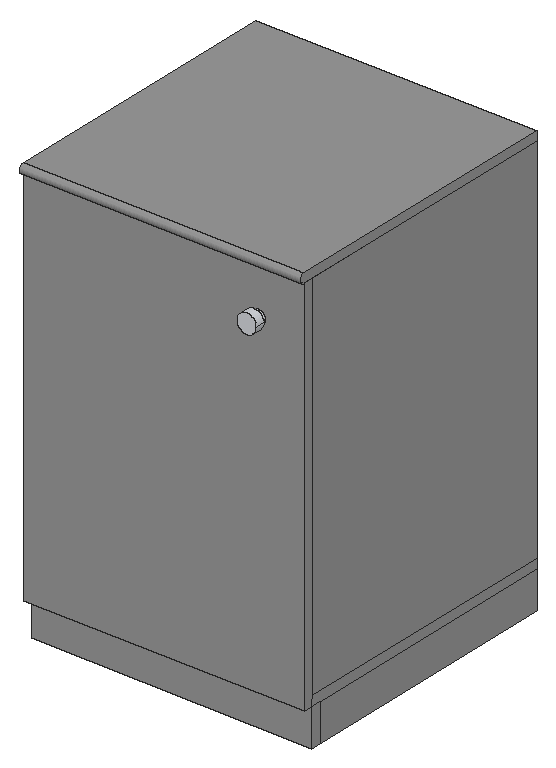
Revit family "LV_FornitureGeneric", category Furniture, Revit 2014
Parameters
  Width_Forniture [instance] = 600 mm
  MaterialFG = Maple
  Length_Furniture [instance] = 600 mm
  Hight_Furniture [instance] = 900 mm
  High_Door [instance] = Hight_Furniture - 80 mm  # 820 mm
  HandleTop [instance] = 100 mm
  HandleRight [instance] = 100 mm
Reference planes
  plane 1 "Center (Front/Back)": y = 0
  plane 2: z = 0
  plane 3 "Center (Left/Right)": x = 0
  plane 4: x = -300
  plane 5: x = 300
  plane 6: y = -600
  plane 7: z = 900
Dimensions and locks
  equal spacing: plane 4, plane 3 "Center (Left/Right)", plane 5
  "Length_Furniture": plane 4 to plane 5
  "Width_Forniture": plane 6 to plane 1 "Center (Front/Back)"
  "Hight_Furniture": plane 7 to plane 2
  aligned and locked: level to plane 2
  aligned and locked: plane 5 to nested 1
  aligned and locked: nested 1 to plane 6
  aligned and locked: plane 1 "Center (Front/Back)" to nested 2
  aligned and locked: plane 3 "Center (Left/Right)" to nested 2
  aligned and locked: plane 3 "Center (Left/Right)" to nested 1
  aligned and locked: plane 1 "Center (Front/Back)" to nested 3
  aligned and locked: plane 3 "Center (Left/Right)" to nested 3
  aligned and locked: nested 2 to nested 2
  aligned and locked: nested 1 to nested 2
  aligned and locked: plane 7 to nested 2
  aligned and locked: plane 5 to nested 4
  aligned and locked: nested 4 to nested 1
  aligned and locked: plane 7 to nested 4
Nested families
  nested 1: "Base" at (0, 0, 0), Lenght_Base <- "Length_Furniture", Width_Base <- "Width_Forniture", Material <- "MaterialFG", type "Base"
    with Width_Base 600 mm, Material Maple, Lenght_Base 600 mm
  nested 2: "contenitore" at (0, 0, 80), Width_Cont <- "Width_Forniture", Length_Cont <- "Length_Furniture", material <- "MaterialFG", Hight_Cont <- "High_Door", type "contenitore"
    with material Maple, Width_Cont 600 mm, Length_Cont 600 mm, Hight_Cont 820 mm
  nested 3: "Top" at (0, 0, 900), Width_Top <- "Width_Forniture", Lenght_Top <- "Length_Furniture", material <- "MaterialFG", type "Top"
    with material Maple, Width_Top 600 mm, Lenght_Top 600 mm
  nested 4: "DoorForniture" at (-300, -600, 80) x (1, 0, 0) z (0, -1, 0), Width_door <- "Length_Furniture", Material <- "MaterialFG", OrizontalPosHandleRight <- "HandleRight", VerticalPosTop <- "HandleTop", type "DoorForniture"
    with Width_door 600 mm, VerticalPosTop 100 mm, VerticalPosHandleBelow 720 mm, OrizontalPosHandleRight 100 mm, OrizontalPosHandleLeft 500 mm, Material Maple, Hight_Door 820 mm
Definition of nested family "Base"
  Parameters (values of type "Base")
    Width_Base [instance] = 600 mm
    Default Elevation = 1219.2 mm
    Material [instance] = none
    Lenght_Base [instance] = 1200 mm
  Reference planes
    plane 1 "Centro (Fronte/Retro)": y = 0
    plane 2: z = 0
    plane 3 "Centro (Sinistra/Destra)": x = 0
    plane 4: y = -600
    plane 5: x = -600
    plane 6: x = 600
    plane 7: z = 80
    plane 8: x = -580
    plane 9: x = 580
    plane 10: y = -20
    plane 11: y = -580
  Forms (mm)
    Extrusion 1, solid
      sketch origin (0, 0, 0) x (1, 0, 0) y (0, 1, 0)
        loop
          line (-1219.2, 1219.2) -> (-1219.2, -1219.2) -> (1219.2, -1219.2) -> (1219.2, 1219.2) -> (-1219.2, 1219.2)
      from 0 to -304.8
    Extrusion 2, solid, material <- "Material"
      sketch origin (0, 0, 0) x (1, 0, 0) y (0, 1, 0)
        loop
          line (-600, -580) -> (-580, -580) -> (-580, 0) -> (-600, 0) -> (-600, -580)
        loop
          line (580, 0) -> (580, -580) -> (600, -580) -> (600, 0) -> (580, 0)
      from 0 to 80
    Extrusion 3, solid, material <- "Material"
      sketch origin (0, 0, 0) x (1, 0, 0) y (0, 1, 0)
        loop
          line (-600, -580) -> (-600, -600) -> (600, -600) -> (600, -580) -> (-600, -580)
      from 0 to 80
  Dimensions and locks
    equal spacing: plane 5, plane 3 "Centro (Sinistra/Destra)", plane 6
    "Lenght_Base": plane 5 to plane 6
    "Width_Base": plane 4 to plane 1 "Centro (Fronte/Retro)"
    plane 5 to plane 8 = 20 mm
    plane 9 to plane 6 = 20 mm
    plane 10 to plane 1 "Centro (Fronte/Retro)" = 20 mm
    plane 11 to plane 4 = 20 mm
    locked: plane 7 to plane 2 at 80
    aligned and locked: plane 2 to Extrusion 1
    aligned and locked: level to Extrusion 1
    aligned and locked: plane 5 to Extrusion 2 sketch curve
    aligned and locked: plane 11 to Extrusion 2 sketch curve  (x2)
    aligned and locked: Extrusion 2 sketch curve to plane 8
    aligned and locked: plane 1 "Centro (Fronte/Retro)" to Extrusion 2 sketch curve  (x2)
    aligned and locked: plane 9 to Extrusion 2 sketch curve
    aligned and locked: Extrusion 2 sketch curve to plane 6
    aligned and locked: plane 7 to Extrusion 2
    aligned and locked: Extrusion 3 sketch curve to Extrusion 2  (x2)
    aligned and locked: plane 4 to Extrusion 3 sketch curve
    aligned and locked: Extrusion 3 sketch curve to plane 6
    aligned and locked: plane 7 to Extrusion 3
  Automatic sketch dimensions
    Extrusion 1 sketch curve to Extrusion 1 sketch curve = 2438.4 mm  (x2)
    Extrusion 2 sketch curve to plane 6 = 0 mm
Definition of nested family "contenitore"
  Parameters (values of type "contenitore")
    material [instance] = none
    Width_Cont [instance] = 600 mm
    Default Elevation = 1219.2 mm
    Length_Cont [instance] = 1200 mm
    Hight_Cont [instance] = 900 mm
  Reference planes
    plane 1 "Centro (Fronte/Retro)": y = 0
    plane 2: z = 0
    plane 3 "Centro (Sinistra/Destra)": x = 0
    plane 4: y = -600
    plane 5: x = -600
    plane 6: x = 600
    plane 7: y = -24.93
    plane 8: x = -580
    plane 9: x = 580
    plane 10: y = -19.93
    plane 11: x = -590
    plane 12: x = 590
    plane 13: z = 900
    plane 14: z = 20
  Forms (mm)
    Extrusion 1, solid
      sketch origin (0, 0, 0) x (1, 0, 0) y (0, 1, 0)
        loop
          line (-1219.2, 1219.2) -> (-1219.2, -1219.2) -> (1219.2, -1219.2) -> (1219.2, 1219.2) -> (-1219.2, 1219.2)
      from 0 to -304.8
    Extrusion 2, solid, material <- "material"
      sketch origin (0, 0, 0) x (1, 0, 0) y (0, 1, 0)
        loop
          line (-600, 0) -> (-600, -600) -> (600, -600) -> (600, 0) -> (-600, 0)
      from 0 to 20
    Extrusion 3, solid, material <- "material"
      sketch origin (0, 0, 0) x (1, 0, 0) y (0, 1, 0)
        loop
          line (-590, -19.93) -> (-590, -24.93) -> (590, -24.93) -> (590, -19.93) -> (-590, -19.93)
      from 20 to 900
    Extrusion 4, solid, material <- "material"
      sketch origin (0, 0, 0) x (1, 0, 0) y (0, 1, 0)
        loop
          line (-600, 0) -> (-600, -600) -> (-580, -600) -> (-580, -24.93) -> (-590, -24.93) -> (-590, -19.93) -> (-580, -19.93) -> (-580, 0) -> (-600, 0)
        loop
          line (580, 0) -> (580, -19.93) -> (590, -19.93) -> (590, -24.93) -> (580, -24.93) -> (580, -600) -> (600, -600) -> (600, 0) -> (580, 0)
      from 20 to 900
  Dimensions and locks
    "Length_Cont": plane 5 to plane 6
    "Width_Cont": plane 4 to plane 1 "Centro (Fronte/Retro)"
    locked: plane 9 to plane 6 at 20
    locked: plane 5 to plane 8 at 20
    locked: plane 10 to plane 1 "Centro (Fronte/Retro)" at 19.93
    plane 10 to plane 7 = 5 mm
    equal spacing: plane 5, plane 3 "Centro (Sinistra/Destra)", plane 6
    equal spacing: plane 9, plane 12, plane 6
    equal spacing: plane 5, plane 11, plane 8
    "Hight_Cont": plane 13 to plane 2
    plane 14 to plane 2 = 20 mm
    aligned and locked: plane 2 to Extrusion 1
    aligned and locked: level to Extrusion 1
    aligned and locked: plane 1 "Centro (Fronte/Retro)" to Extrusion 2 sketch curve
    aligned and locked: plane 5 to Extrusion 2 sketch curve
    aligned and locked: plane 4 to Extrusion 2 sketch curve
    aligned and locked: Extrusion 2 sketch curve to plane 6
    aligned and locked: plane 14 to Extrusion 2
    aligned and locked: Extrusion 3 sketch curve to plane 10
    aligned and locked: plane 7 to Extrusion 3 sketch curve
    aligned and locked: Extrusion 3 sketch curve to plane 12
    aligned and locked: plane 11 to Extrusion 3 sketch curve
    aligned and locked: Extrusion 3 to plane 14
    aligned and locked: plane 13 to Extrusion 3
    aligned and locked: Extrusion 4 sketch curve to plane 1 "Centro (Fronte/Retro)"
    aligned and locked: Extrusion 4 sketch curve to plane 9  (x2)
    aligned and locked: Extrusion 4 sketch curve to plane 12
    aligned and locked: Extrusion 4 sketch curve to plane 10
    aligned and locked: plane 6 to Extrusion 4 sketch curve
    aligned and locked: Extrusion 4 sketch curve to plane 4
    aligned and locked: Extrusion 4 sketch curve to plane 8  (x2)
    aligned and locked: plane 5 to Extrusion 4 sketch curve
    aligned and locked: plane 1 "Centro (Fronte/Retro)" to Extrusion 4 sketch curve
    aligned and locked: plane 10 to Extrusion 4 sketch curve
    aligned and locked: Extrusion 4 sketch curve to plane 7
    aligned and locked: Extrusion 4 sketch curve to plane 11
    aligned and locked: plane 4 to Extrusion 4 sketch curve
    aligned and locked: plane 7 to Extrusion 4 sketch curve
    aligned and locked: plane 13 to Extrusion 4
    aligned and locked: Extrusion 4 to plane 14
  Automatic sketch dimensions
    Extrusion 1 sketch curve to Extrusion 1 sketch curve = 2438.4 mm  (x2)
Definition of nested family "Top"
  Parameters (values of type "Top")
    material [instance] = none
    Width_Top [instance] = 600 mm
    Default Elevation = 1219.2 mm
    Lenght_Top [instance] = 600 mm
  Types (2, lengths in mm): name | Lenght_Top
    Top | 600
    LV_LightWood | 1000
  Reference planes
    plane 1 "Centro (Fronte/Retro)": y = 0
    plane 2: z = 0
    plane 3 "Centro (Sinistra/Destra)": x = 0
    plane 4: y = -600
    plane 5: x = -300
    plane 6: x = 300
    plane 7: z = 20
    plane 8: y = -625
  Forms (mm)
    Extrusion 1, solid
      sketch origin (0, 0, 0) x (1, 0, 0) y (0, 1, 0)
        loop
          line (-1219.2, 1219.2) -> (-1219.2, -1219.2) -> (1219.2, -1219.2) -> (1219.2, 1219.2) -> (-1219.2, 1219.2)
      from 0 to -304.8
    Extrusion 2, solid, material <- "material"
      sketch origin (0, 0, 0) x (0, 1, 0) y (0, 0, 1)
        loop
          line (0, 20) -> (-621.511, 20)
          arc (-621.511, 20) -> (-631.511, 10) -> (-621.511, 0) r 10
          line (-621.511, 0) -> (0, 0) -> (0, 20)
      from -300 to 300
  Dimensions and locks
    equal spacing: plane 5, plane 3 "Centro (Sinistra/Destra)", plane 6
    "Lenght_Top": plane 5 to plane 6
    "Width_Top": plane 4 to plane 1 "Centro (Fronte/Retro)"
    locked: plane 7 to plane 2 at 20
    aligned and locked: plane 2 to Extrusion 1
    aligned and locked: level to Extrusion 1
    aligned and locked: Extrusion 2 sketch curve to plane 1 "Centro (Fronte/Retro)"
    aligned and locked: plane 6 to Extrusion 2
    aligned and locked: Extrusion 2 to plane 1 "Centro (Fronte/Retro)"  (x2)
    aligned and locked: Extrusion 2 to plane 5
    aligned and locked: plane 7 to Extrusion 2
    aligned and locked: Extrusion 2 to plane 2
    aligned and locked: plane 1 "Centro (Fronte/Retro)" to Extrusion 2
    aligned and locked: plane 5 to Extrusion 2
    aligned and locked: Extrusion 2 to plane 6
  Automatic sketch dimensions
    Extrusion 1 sketch curve to Extrusion 1 sketch curve = 2438.4 mm  (x2)
    Extrusion 2 sketch curve to plane 4 = 21.511 mm
    Extrusion 2 sketch curve to level = 0 mm
    level to Extrusion 2 sketch curve = 10 mm
Definition of nested family "DoorForniture"
  Parameters (values of type "DoorForniture")
    Width_door [instance] = 600 mm
    VerticalPosTop [instance] = 100 mm
    VerticalPosHandleBelow [instance] = Hight_Door - VerticalPosTop  # 900 mm
    OrizontalPosHandleLeft [instance] = Width_door - OrizontalPosHandleRight  # 400 mm
    OrizontalPosHandleRight [instance] = 200 mm
    Material [instance] = none
    Hight_Door [instance] = 1000 mm
    Default Elevation = 1219.2 mm
  Reference planes
    plane 1 "Center (Front/Back)": y = 0
    plane 2: z = 0
    plane 3 "Center (Left/Right)": x = 0
    plane 4: x = 600
    plane 5: y = 1000
    plane 6: z = 20
    plane 7: x = 400
    plane 8: y = 900
    plane 9: z = 50
  Forms (mm)
    Extrusion 1, solid
      sketch origin (0, 0, 0) x (1, 0, 0) y (0, 1, 0)
        loop
          line (-1219.2, 1219.2) -> (-1219.2, -1219.2) -> (1219.2, -1219.2) -> (1219.2, 1219.2) -> (-1219.2, 1219.2)
      from 0 to -304.8
    Extrusion 2, solid, material <- "Material"
      sketch origin (0, 0, 0) x (1, 0, 0) y (0, 1, 0)
        loop
          line (0, 1000) -> (0, 0) -> (600, 0) -> (600, 1000) -> (0, 1000)
      from 0 to 20
  Dimensions and locks
    "Hight_Door": plane 5 to plane 1 "Center (Front/Back)"
    "Width_door": plane 3 "Center (Left/Right)" to plane 4
    locked: plane 6 to plane 2 at 20
    "OrizontalPosHandleLeft": plane 3 "Center (Left/Right)" to plane 7
    "VerticalPosHandleBelow": plane 8 to plane 1 "Center (Front/Back)"
    locked: plane 6 to plane 9 at 30
    "OrizontalPosHandleRight": plane 7 to Extrusion 2
    plane 5 to plane 8 = 100 mm
    aligned and locked: plane 2 to Extrusion 1
    aligned and locked: level to Extrusion 1
    aligned and locked: Extrusion 2 sketch curve to plane 5
    aligned and locked: plane 3 "Center (Left/Right)" to Extrusion 2 sketch curve
    aligned and locked: Extrusion 2 sketch curve to plane 1 "Center (Front/Back)"
    aligned and locked: Extrusion 2 sketch curve to plane 4
    aligned and locked: plane 6 to Extrusion 2
    aligned and locked: plane 7 to nested 1
    aligned and locked: nested 1 to plane 8
  Automatic sketch dimensions
    Extrusion 1 sketch curve to Extrusion 1 sketch curve = 2438.4 mm  (x2)
  Nested families
    nested 1: "Handle2" at (400, 900, 20), type "Handle2"
  Definition of nested family "Handle2"
    Parameters (values of type "Handle2")
      Default Elevation = 1219.2 mm
    Reference planes
      plane 1 "Center (Front/Back)": y = 0
      plane 2: z = 0
      plane 3 "Center (Left/Right)": x = 0
      plane 4: z = 10
      plane 5: z = 30
    Forms (mm)
      Extrusion 1, solid
        sketch origin (0, 0, 0) x (1, 0, 0) y (0, 1, 0)
          loop
            line (-1219.2, 1219.2) -> (-1219.2, -1219.2) -> (1219.2, -1219.2) -> (1219.2, 1219.2) -> (-1219.2, 1219.2)
        from 0 to -304.8
      Extrusion 2, solid
        sketch origin (0, 0, 0) x (1, 0, 0) y (0, 1, 0)
          loop
            circle (0, 0) r 15
        from 0 to 10
      Extrusion 3, solid
        sketch origin (0, 0, 0) x (1, 0, 0) y (0, 1, 0)
          loop
            circle (0, 0) r 20
        from 10 to 30
    Dimensions and locks
      locked: plane 4 to plane 2 at 10
      locked: plane 5 to plane 4 at 20
      aligned and locked: plane 2 to Extrusion 1
      aligned and locked: level to Extrusion 1
      aligned and locked: plane 4 to Extrusion 2
      aligned and locked: plane 5 to Extrusion 3
      aligned and locked: Extrusion 3 to Extrusion 2
